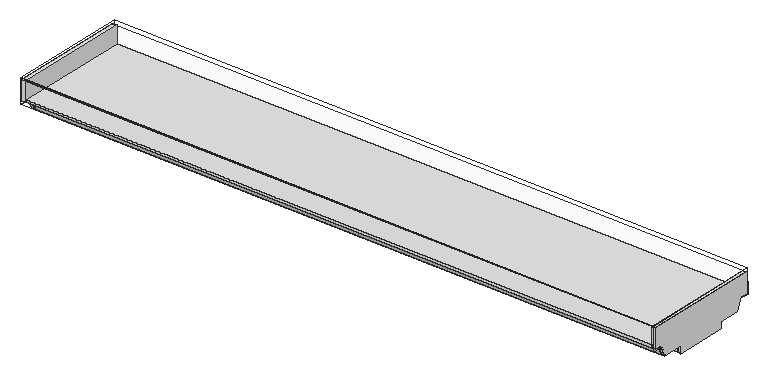
Revit family "CWP", category Lighting Fixtures, host Face, Revit 2021
Family settings
  Host = Face
  Round Connector Dimension = Use Diameter
  Part Type = Normal
  OmniClass Number = 23.80.70.11
  OmniClass Title = Luminaries for Internal Lighting
  Cut with Voids When Loaded = No
  Light Source = Yes
  Shared = No
  Room Calculation Point = No
Parameters (values of type "CWP4-4035")
  Wattage = 36.9 W
  Warranty = "Five Year Warranty"  # constant formula
  built-in parameter 1150110 = 1 (stored number, unit not read)
  Voltage = 120 V
  Wattage Comments = "Up to 124 lumens per watt"  # constant formula
  URL = "https://www.currentlighting.com/columbialighting"
  built-in parameter 1114217 = 1 (stored number, unit not read)
  Tilt Angle = -90.00°
  built-in parameter 1150109 = 1 (stored number, unit not read)
  built-in parameter 1150134 = (empty or 0)
  built-in parameter 1150113 = 1 (stored number, unit not read)
  Product Page URL = ""
  Product Documentation Link = ""
  Power Factor = 1
  Photometric Web File = "generic.ies"
  Watts = 36.9 W
  Model = "CWP4"
  Manufacturer = "Columbia Lighting"  # constant formula
  Row Length = 4.00 ft
  built-in parameter 1150105 = 364.01 (stored number, unit not read)
  Lumens = 4575.6 lm
  built-in parameter 1150115 = 1 (stored number, unit not read)
  Load Classification = Lighting
  built-in parameter 1150137 = (empty or 0)
  built-in parameter 1150139 = (empty or 0)
  built-in parameter 1150112 = 1 (stored number, unit not read)
  built-in parameter 1150114 = 1 (stored number, unit not read)
  Lamp = "LED Lamp"  # constant formula
  built-in parameter 1150132 = (empty or 0)
  built-in parameter 1150102 = (empty or 0)
  built-in parameter 1150107 = 3500 (stored number, unit not read)
  built-in parameter 1150138 = (empty or 0)
  built-in parameter 1150106 = 3.6401 (stored number, unit not read)
  Glass = White Glass
  Emit from Rectangle Width = 0.667 ft  # constant formula
  Emit from Rectangle Length = Row Length - 0.083 ft  # 3.917 ft
  Emit Shape Visible in Rendering = no
  built-in parameter 1150104 = 11.52 (stored number, unit not read)
  Dimming Lamp Color Temperature Shift = <None>
  Dimming = "0-10V"  # constant formula
  Description = "Wrap Luminaire"  # constant formula
  Default Elevation = 4.00 ft
  Color Filter = 16777215
  built-in parameter 1114218 = 1 (stored number, unit not read)
  Backbox = White
  built-in parameter 1150133 = 10 (stored number, unit not read)
  Apparent Load = Watts / Power Factor  # 36.9 VA
Types (3, lengths in ft): name | built-in parameter 1150134 | built-in parameter 1150107
  (no name) | (empty or 0) | 3500 (stored number, unit not read)
  CWP4-4035 | (empty or 0) | 3500 (stored number, unit not read)
  CWP4-4040 | 12 | 4000 (stored number, unit not read)
Reference planes (ft)
  plane 1 "Center (Front/Back)": y = 0.003333
  plane 2: z = 0
  plane 3 "Center (Left/Right)": x = 0.13912
  plane 4: x = -1.86088
  plane 5: x = 2.13912
Dimensions and locks (ft)
  equal spacing: plane 5, plane 3 "Center (Left/Right)", plane 4
  "Row Length": plane 5 to plane 4
  aligned and locked: plane 2 to host face
  aligned and locked: level to host face
  aligned and locked: nested 1 to plane 1 "Center (Front/Back)"
  aligned and locked: nested 1 to plane 3 "Center (Left/Right)"
  aligned and locked: plane 3 "Center (Left/Right)" to imposter light
  aligned and locked: imposter light to plane 1 "Center (Front/Back)"
Automatic sketch dimensions
  host sketch curve to host sketch curve = 8.00 ft  (x2)
Nested families (ft)
  nested 1: "CWP Light" at (-0.031519, 0.006665, 0) x (-1, 0, 0) z (0, 0, 1), Row Length <- "Row Length", Glass <- "Glass", Backbox <- "Backbox", type "CWP Light"
    with Row Length 4.00 ft, Glass White Glass, Backbox White
Connectors (ft)
  electrical at (0.13912, 0.003333, 0), driven by "Voltage", driven by "Watts", driven by "Power Factor", driven by "Load Classification"
    settings: on nested 1, index 1, voltage 120 V, apparent load 36.9 VA, apparent load phase1 0 VA, apparent load phase2 0 VA, apparent load phase3 0 VA, power factor 1, load classification "Lighting", number of poles 1, system type 30, power factor state 1, is connector primary yes, connector utility no, sub classification motor no, connector description "Lighting Connector"
Definition of nested family "CWP Light"
  Parameters
    Wattage Comments = ""
    URL = ""
    Row Length [instance] = 4.00 ft
    Product Page URL = ""
    Product Documentation Link = ""
    Model = ""
    Manufacturer Phone = "(864)-678-1000"  # constant formula
    Manufacturer Fax = "(866)-898-1065"  # constant formula
    Manufacturer = ""
    Lamp = ""
    Glass [instance] = none
    Description = ""
    Default Elevation = 4.00 ft
    Backbox [instance] = none
  Reference planes (ft)
    plane 1 "Center (Front/Back)": y = 0.003333
    plane 2: z = 0
    plane 3 "Center (Left/Right)": x = -0.170639
    plane 4: x = -2.170639
    plane 5: x = 1.829361
    plane 6: x = -2.149806
    plane 7: x = 1.808527
    plane 8: z = 0.25
    plane 9: y = 0.378333
    plane 10: y = -0.371667
    plane 11: z = 0.114583
    plane 12: z = 0.098958
    plane 13: y = -0.356042
    plane 14: z = 0.234375
    plane 15: y = 0.362708
    plane 16: y = 0.321041
    plane 17: y = -0.314376
  Forms (ft)
    Extrusion 1, solid
      sketch origin (0, 0, 0.005297) x (1, 0, 0) y (0, 1, 0)
        loop
          line (-4, 4) -> (-4, -4) -> (4, -4) -> (4, 4) -> (-4, 4)
      from -0.005297 to -0.505297
    Extrusion 2, solid, material <- "Backbox"
      sketch origin (-0.170639, 0, 0) x (0, 1, 0) y (0, 0, 1)
        loop
          line (-0.153348, 0) -> (0.160013, 0) -> (0.160013, 0.044752) -> (0.288478, 0.044752) -> (0.321041, 0.114583) -> (0.362708, 0.114583) -> (0.362708, 0.234375) -> (-0.356042, 0.234375) -> (-0.356042, 0.114583) -> (-0.314376, 0.114583) -> (-0.281813, 0.044752) -> (-0.153348, 0.044752) -> (-0.153348, 0)
      from 1.979167 to 2
    Extrusion 3, solid, material <- "Backbox"
      sketch origin (-0.170639, 0, 0) x (0, 1, 0) y (0, 0, 1)
        loop
          line (0.362708, 0.234375) -> (-0.356042, 0.234375) -> (-0.356042, 0.114583) -> (-0.314376, 0.114583) -> (-0.281813, 0.044752) -> (-0.153348, 0.044752) -> (-0.153348, 0) -> (0.160013, 0) -> (0.160013, 0.044752) -> (0.288478, 0.044752) -> (0.321041, 0.114583) -> (0.362708, 0.114583) -> (0.362708, 0.234375)
      from -1.979167 to -2
    Extrusion 4, solid, material <- "Glass"
      sketch origin (-0.170639, 0, 0) x (0, 1, 0) y (0, 0, 1)
        loop
          line (0.321041, 0.098958) -> (0.378333, 0.098958) -> (0.378333, 0.25) -> (-0.371667, 0.25) -> (-0.371667, 0.098958) -> (-0.314376, 0.098958) -> (-0.314376, 0.114583) -> (-0.356042, 0.114583) -> (-0.356042, 0.234375) -> (0.362708, 0.234375) -> (0.362708, 0.114583) -> (0.321041, 0.114583) -> (0.321041, 0.098958)
      from -2 to 2
    Extrusion 5, solid, material <- "Backbox"
      sketch origin (-0.170639, 0, 0) x (0, 1, 0) y (0, 0, 1)
        loop
          line (0.362708, 0.114583) -> (0.362708, 0.130208) -> (-0.356042, 0.130208) -> (-0.356042, 0.114583) -> (-0.314376, 0.114583) -> (-0.281813, 0.044752) -> (-0.153348, 0.044752) -> (-0.153348, 0) -> (0.160013, 0) -> (0.160013, 0.044752) -> (0.288478, 0.044752) -> (0.321041, 0.114583) -> (0.362708, 0.114583)
      from -1.979167 to 1.979167
  Dimensions and locks (ft)
    equal spacing: plane 5, plane 3 "Center (Left/Right)", plane 4
    locked: plane 6 to plane 4 at 0.020833
    "Row Length": plane 5 to plane 4
    equal spacing: plane 7, plane 3 "Center (Left/Right)", plane 6
    equal spacing: plane 9, plane 1 "Center (Front/Back)", plane 10
    plane 9 to plane 10 = 0.75 ft
    locked: plane 8 to level at 0.25
    locked: plane 8 to plane 14 at 0.015625
    locked: plane 9 to plane 15 at 0.015625
    locked: plane 13 to plane 10 at 0.015625
    locked: plane 17 to plane 10 at 0.057292
    locked: plane 9 to plane 16 at 0.057292
    aligned and locked: plane 2 to Extrusion 1
    aligned and locked: level to Extrusion 1
    aligned and locked: Extrusion 2 sketch curve to level
    aligned and locked: Extrusion 2 sketch curve to Extrusion 2 sketch curve
    aligned and locked: plane 5 to Extrusion 2
    aligned and locked: Extrusion 2 to plane 7
    aligned and locked: level to Extrusion 3 sketch curve
    aligned and locked: plane 12 to Extrusion 4 sketch curve  (x2)
    aligned and locked: plane 9 to Extrusion 4 sketch curve
    aligned and locked: Extrusion 4 sketch curve to plane 8
    aligned and locked: Extrusion 4 sketch curve to plane 10
    aligned and locked: Extrusion 4 sketch curve to plane 11  (x2)
    aligned and locked: plane 15 to Extrusion 4 sketch curve
    aligned and locked: Extrusion 4 sketch curve to plane 14
    aligned and locked: Extrusion 4 sketch curve to plane 13
    aligned and locked: plane 7 to Extrusion 5
    aligned and locked: Extrusion 5 to plane 6
    aligned and locked: Extrusion 4 to plane 4
    aligned and locked: plane 5 to Extrusion 4
    aligned and locked: Extrusion 3 to plane 4
    aligned and locked: plane 6 to Extrusion 3
    aligned and locked: Extrusion 3 sketch curve to Extrusion 4
    aligned and locked: Extrusion 4 to Extrusion 3 sketch curve
    aligned and locked: Extrusion 4 to Extrusion 5 sketch curve
    aligned and locked: Extrusion 5 sketch curve to Extrusion 4  (x3)
    aligned and locked: Extrusion 5 sketch curve to Extrusion 3
    aligned and locked: Extrusion 2 sketch curve to plane 11
    aligned and locked: Extrusion 2 sketch curve to Extrusion 3  (x2)
  Automatic sketch dimensions
    Extrusion 1 sketch curve to Extrusion 1 sketch curve = 8.00 ft  (x2)
    Extrusion 4 sketch curve to Extrusion 4 sketch curve = 0.041667 ft
    Extrusion 4 sketch curve to plane 13 = 0.041667 ft
    Extrusion 2 sketch curve to plane 13 = 0.00 ft
    Extrusion 2 sketch curve to plane 11 = 0.00 ft
    Extrusion 2 sketch curve to plane 14 = 0.00 ft
    Extrusion 2 sketch curve to plane 15 = 0.00 ft
    Extrusion 3 sketch curve to plane 11 = 0.00 ft  (x2)
    Extrusion 3 sketch curve to plane 17 = 0.00 ft
    Extrusion 3 sketch curve to plane 16 = 0.00 ft
    Extrusion 3 sketch curve to plane 14 = 0.00 ft
    Extrusion 3 sketch curve to plane 17 = 0.161028 ft
    level to Extrusion 3 sketch curve = 0.044752 ft  (x2)
    Extrusion 3 sketch curve to plane 1 "Center (Front/Back)" = 0.156681 ft
    plane 16 to Extrusion 3 sketch curve = 0.032563 ft
    Extrusion 5 sketch curve to plane 17 = 0.00 ft
    Extrusion 5 sketch curve to plane 16 = 0.00 ft
    plane 11 to Extrusion 5 sketch curve = 0.015625 ft
    Extrusion 5 sketch curve to plane 17 = 0.032563 ft
    plane 16 to Extrusion 5 sketch curve = 0.032563 ft
    Extrusion 3 sketch curve to plane 17 = 0.032563 ft
    Extrusion 5 sketch curve to Extrusion 5 sketch curve = 0.128465 ft
    Extrusion 5 sketch curve to Extrusion 5 sketch curve = 0.044752 ft
    level to Extrusion 5 sketch curve = 0.044752 ft
    plane 1 "Center (Front/Back)" to Extrusion 5 sketch curve = 0.156681 ft
    Extrusion 2 sketch curve to Extrusion 2 sketch curve = 0.044752 ft
    Extrusion 2 sketch curve to plane 1 "Center (Front/Back)" = 0.156681 ft
    plane 16 to Extrusion 2 sketch curve = 0.032563 ft
    Extrusion 2 sketch curve to Extrusion 2 sketch curve = 0.128465 ft
